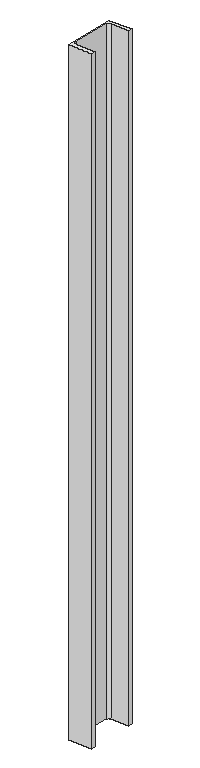
Revit family "PFC-Parallel Flange Channel-Column", category 구조 기둥, Revit 2026
Family settings
  단면 모양 = 정의되지 않음
  모델 동작 재료 = 스틸
  항상 형상으로 내보내기 = 아니오
  평면의 보 전환 = 경계 상자에서
  로드될 때 보이드를 사용하여 절단 = 아니오
  기호 표현 = 프로젝트 설정에서
  공유 = 아니오
  평면도에서 미리 절단된 패밀리 표시 = 예
Parameters (values of type "200x90x30PFC")
  Structural Material [instance] = Metal - Steel - 345 MPa
  Zx = 252
  Ix = 2523
  Cy = 31.2 mm
  Assembly Code = ""
  A = 4000.00 mm²
  M = 30
  b = 90 mm
  h = 200 mm
  r = 12 mm
  t = 14 mm
  s = 7 mm
Reference planes
  plane 1 "Center (Front/Back)": y = 0
  plane 2: z = 0
  plane 3 "Center (Left/Right)": x = 0
  plane 4 "Right": x = 58.8
  plane 5 "Back": y = 100
  plane 6 "Front": y = -100
  plane 7 "Left": x = -31.2
Forms (mm)
  Sweep 1, solid, material "Metal - Steel - 345 MPa" <- "Structural Material", detail levels fine
    path origin (0, 0, 0) x (1, 0, 0) y (0, 0, 1)
      loop
        line (0, 2500) -> (0, 0)
    profile "M_Parallel Channel-Profile-Fine : M_Parallel Channel-Profile-Fine" origin (0, 0, 1250) x (1, 0, 0) y (0, -1, 0)
      loop
        line (-31.2, -100) -> (58.8, -100) -> (58.8, -86) -> (-12.2, -86)
        arc (-12.2, -86) -> (-20.685, -82.485) -> (-24.2, -74) r 12
        line (-24.2, -74) -> (-24.2, 74)
        arc (-24.2, 74) -> (-20.685, 82.485) -> (-12.2, 86) r 12
        line (-12.2, 86) -> (58.8, 86) -> (58.8, 100) -> (-31.2, 100) -> (-31.2, -100)
  Sweep 2, solid, material "Metal - Steel - 345 MPa" <- "Structural Material", detail levels medium
    path origin (0, 0, 0) x (1, 0, 0) y (0, 0, 1)
      loop
        line (0, 2500) -> (0, 0)
    profile "M_Parallel Channel-Profile-Medium : M_Parallel Channel-Profile-Medium" origin (0, 0, 1250) x (1, 0, 0) y (0, -1, 0)
      loop
        line (-31.2, -100) -> (58.8, -100) -> (58.8, -86) -> (-24.2, -86) -> (-24.2, 86) -> (58.8, 86) -> (58.8, 100) -> (-31.2, 100) -> (-31.2, -100)
Lines and regions (mm)
  symbolic lines, style "Hidden Faces", detail levels medium+fine
    curve 1: line (-24.2, 0, 2500) -> (-24.2, 0, 0)
  symbolic lines, style "StructuralColumnStickSymbols", detail levels coarse
    curve 2: line (-31.2, 100, 0) -> (-31.2, -100, 0)
    curve 3: line (-31.2, 100, 0) -> (58.8, 100, 0)
    curve 4: line (-31.2, -100, 0) -> (58.8, -100, 0)
Dimensions and locks
  equal spacing: plane 6 "Front", plane 1 "Center (Front/Back)", plane 5 "Back"
  "h": plane 6 "Front" to plane 5 "Back"
  "Cy": plane 7 "Left" to plane 3 "Center (Left/Right)"
  "b": plane 7 "Left" to plane 4 "Right"
  aligned and locked: level to plane 2
  aligned and locked: Sweep 2 sketch curve to plane 3 "Center (Left/Right)"
  aligned and locked: level to Sweep 2 sketch curve  (x2)
  aligned and locked: Sweep 1 sketch curve to plane 3 "Center (Left/Right)"
  aligned and locked: level to Sweep 1 sketch curve  (x2)
  aligned and locked: plane 4 "Right" to curve 3
  aligned and locked: plane 4 "Right" to curve 4
  aligned and locked: plane 5 "Back" to curve 3
  aligned and locked: plane 6 "Front" to curve 4
  aligned and locked: curve 2 to plane 7 "Left"
  aligned and locked: curve 1 to Sweep 2
  aligned and locked: level to curve 1  (x2)
